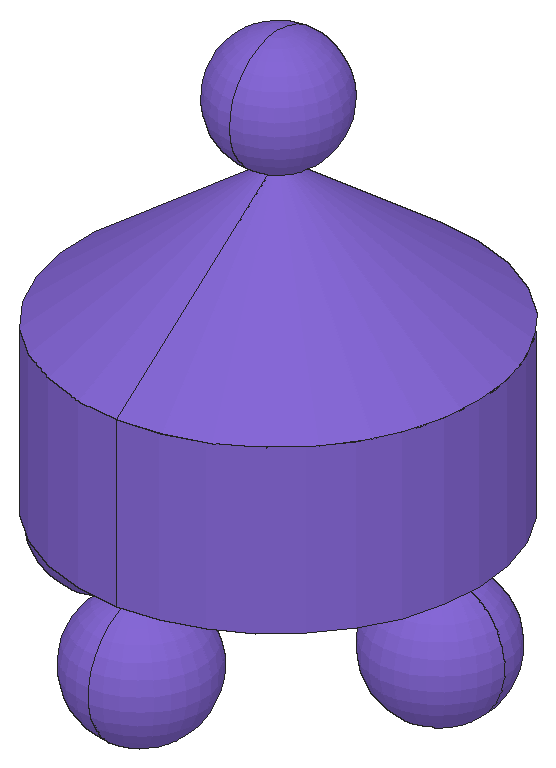
Revit family "0dabbddf00724d8a9a262d737be4d364", category Boundary Conditions, Revit 2021
Family settings
  Seek Item ID = Boundary Condition-Roller-0000-USA-ENU
  Work Plane-Based = No
  Always vertical = Yes
  Cut with Voids When Loaded = No
  Shared = No
Reference planes (in)
  plane 1 "Center (Front/Back)": y = 0
  plane 2: z = 0
  plane 3 "Center (Left/Right)": x = 0
Forms (in)
  Revolve 1, solid, material "Boundary Roller"
    sketch origin (0, 0, 0) x (0, 1, 0) y (0, 0, 1)
      loop
        line (0, 1.5) -> (0, -9.097) -> (5, -9.097) -> (5, -4.96211) -> (0.21374, -1.48469)
        arc (0.21374, -1.48469) -> (1.49617, 0.10715) -> (0, 1.5) r 1.5
      axis (0, 1.5) -> (0, -9.097)
    angle from 0 to 360
  Revolve 2, solid, material "Boundary Roller"
    sketch origin (-4, 0, 0) x (1, 0, 0) y (0, 0, 1)
      loop
        line (8, -9.097) -> (8, -12.347)
        arc (8, -12.347) -> (9.625, -10.722) -> (8, -9.097) r 1.625
      axis (8, -12.347) -> (8, -9.097)
    angle from 0 to 360
  Revolve 3, solid, material "Boundary Roller"
    sketch origin (-12.25, 0, 0) x (1, 0, 0) y (0, 0, 1)
      loop
        line (8, -9.097) -> (8, -12.347)
        arc (8, -12.347) -> (9.625, -10.722) -> (8, -9.097) r 1.625
      axis (8, -12.347) -> (8, -9.097)
    angle from 0 to 360
  Revolve 4, solid, material "Boundary Roller"
    sketch origin (0, 3.75, 0) x (0, -1, 0) y (0, 0, 1)
      loop
        line (8, -9.097) -> (8, -12.347)
        arc (8, -12.347) -> (9.625, -10.722) -> (8, -9.097) r 1.625
      axis (8, -12.347) -> (8, -9.097)
    angle from 0 to 360
  Revolve 5, solid, material "Boundary Roller"
    sketch origin (0, 12, 0) x (0, -1, 0) y (0, 0, 1)
      loop
        line (8, -9.097) -> (8, -12.347)
        arc (8, -12.347) -> (9.625, -10.722) -> (8, -9.097) r 1.625
      axis (8, -12.347) -> (8, -9.097)
    angle from 0 to 360
